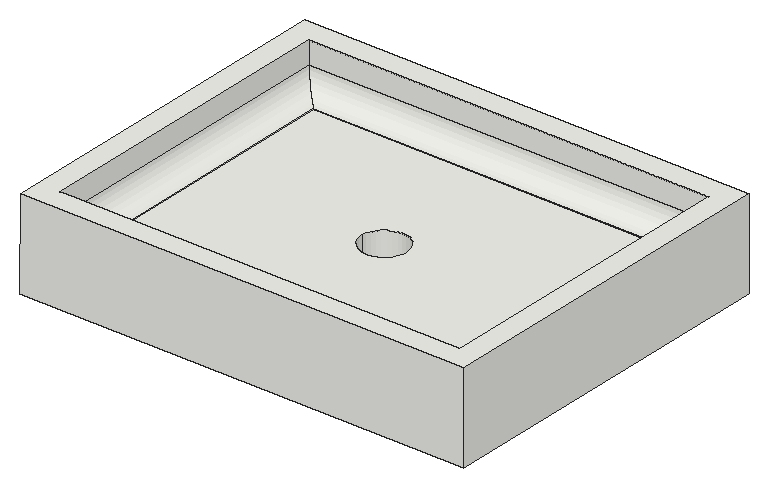
Revit family
Parameters
  Width = 800 mm
  Material of Tray = Tray Material
  Length = 1000 mm
Reference planes
  plane 1 "Center (Front/Back)": y = 0
  plane 2: z = 0
  plane 3 "Center (Left/Right)": x = 2.368
  plane 4: x = -497.632
  plane 5: x = 502.368
  plane 6: y = 400
  plane 7: y = -400
Forms (mm)
  Sweep 1, solid, material "Tray Material" <- "Material of Tray"
    path origin (0, 0, 0) x (1, 0, 0) y (0, 1, 0)
      loop
        line (-497.632, 400) -> (-497.632, -400) -> (502.368, -400) -> (502.368, 400) -> (-497.632, 400)
    profile origin (2.368, 0, 0) x (0, 1, 0) y (0, 0, 1)
      loop
        line (400, 0) -> (400, 200) -> (350, 200) -> (350, 150)
        arc (350, 150) -> (335.355, 114.645) -> (300, 100) r 50
        line (300, 100) -> (300, 0) -> (400, 0)
  Extrusion 2, solid, material "Tray Material" <- "Material of Tray"
    sketch origin (0, 0, 0) x (1, 0, 0) y (0, 1, 0)
      loop
        line (-397.632, 300) -> (-397.632, -300) -> (402.368, -300) -> (402.368, 300) -> (-397.632, 300)
    from 0 to 100
  Extrusion 3, void
    sketch origin (0, 0, 0) x (1, 0, 0) y (0, 1, 0)
      loop
        circle (2.368, 0) r 50.286
    from -10 to 120
Cuts and joins
  Extrusion 3 cuts Sweep 1
  Extrusion 3 cuts Extrusion 2
Dimensions and locks
  equal spacing: plane 4, plane 3 "Center (Left/Right)", plane 5
  "Length": plane 4 to plane 5
  equal spacing: plane 7, plane 1 "Center (Front/Back)", plane 6
  "Width": plane 7 to plane 6
  aligned and locked: plane 4 to Sweep 1 sketch curve
  aligned and locked: Sweep 1 sketch curve to plane 6
  aligned and locked: plane 7 to Sweep 1 sketch curve
  aligned and locked: Sweep 1 sketch curve to plane 5
  aligned and locked: Extrusion 2 sketch curve to Sweep 1  (x3)
  aligned and locked: Sweep 1 to Extrusion 2 sketch curve
Automatic sketch dimensions
  Sweep 1 sketch curve to level = 0 mm
  Sweep 1 sketch curve to profile plane = 0 mm
  profile plane to Sweep 1 sketch curve = 50 mm
  Sweep 1 sketch curve to Sweep 1 sketch curve = 50 mm  (x2)
  level to Sweep 1 sketch curve = 100 mm
  Extrusion 3 sketch curve to plane 1 "Center (Front/Back)" = 0 mm
  Extrusion 3 sketch curve to plane 3 "Center (Left/Right)" = 0 mm
  radius of Extrusion 3 sketch curve = 50.286 mm
